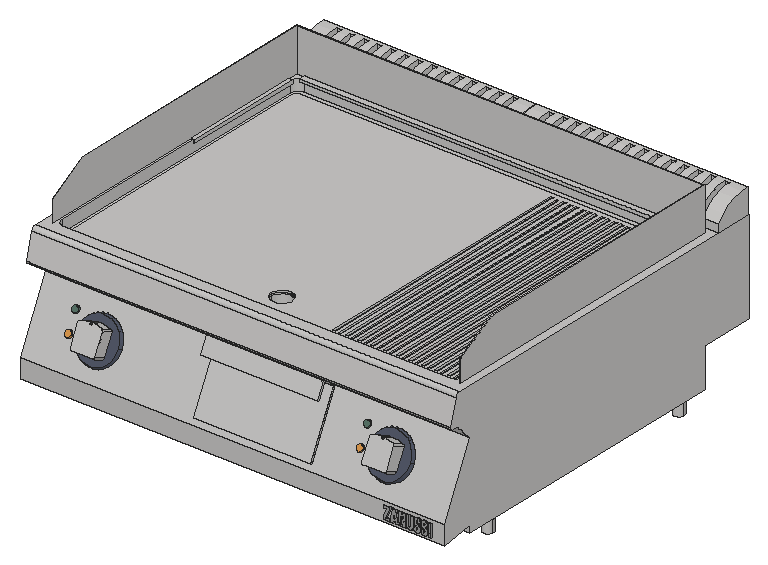
Revit family "QF_ZANUSSI_372197_Z7FTEHCPI0", category Specialty Equipment, Revit 2018
Family settings
  Round Connector Dimension = Use Diameter
  Part Type = Normal
  Work Plane-Based = No
  Always vertical = Yes
  Cut with Voids When Loaded = No
  Shared = No
  Room Calculation Point = No
Parameters
  Weight in Pounds = 105  # constant formula
  Weight = 70.00 kg
  Watts = 15000 W  # constant formula
  Volts = 400 V  # constant formula
  URL Manufacturer = "http://www.zanussiprofessional.com"
  URL Cutsheet = "www.electrolux.com"
  URL = "http://www.zanussiprofessional.com"
  Type Mark [instance] = ""
  Steam Supply Size = 0"
  Steam Supply Minimum Pressure = 0.00 psi
  Steam Supply Maximum Pressure = 0.00 psi
  Steam Pounds per Hour = 0
  Specification by User [instance] = ""
  Specification by Manufacturer = ""
  Show Logo [instance] = yes
  Show Clearance [instance] = yes
  Serial Number = ""
  Seismic Rating = ""
  SMACNA No = ""
  Revision Code [instance] = ""
  Refrigeration Suction Line Size = 0"
  Refrigeration Liquid Line Size = 0"
  Refrigerant Compressor Remote = yes
  Phase = 3
  Omniclass Number and Title = ""
  Number of Poles [instance] = 1
  NAFEM Spec ID Number = ""
  Model = "Z9FTEHSP00"
  Min Ckt Ampacity = 0 A
  Max Overcurrent Protection = 0 A
  Masterspec = ""
  Manufacturer = "Zanussi"
  Length Actual = 800 mm  # constant formula
  Item Number [instance] = "392070"
  Installed By [instance] = ""
  Identify Quantity as Lot [instance] = yes
  Hot Water Size = 0"
  Height Actual = 250 mm  # constant formula
  HP = "11.3 HP"
  Gas Size = 0"
  Gas KW = 0
  Gas Input = 0.0 Btu/h
  Furnished By [instance] = ""
  Foodservice Equipment Identifier [instance] = yes
  FL Amps = if(Phase = 3, Watts / (Volts * 1.73), Watts / Volts)  # 21.6763 A
  Electrical Remarks [instance] = "400 V/3N ph/50/60 Hz"  # constant formula
  Electric Connection Type [instance] = ""
  Elec Conn RI Height [instance] = 0 mm
  Elec Conn Connection Height [instance] = 0 mm
  Direct Waste Size = 0"
  Description = "EL.FRYTOP SMOOTH+RIBBED SLOPED 800MM"
  Depth Actual = 700 mm  # constant formula
  Cycle [instance] = if([60 Hertz Option], 60 Hz, 50 Hz)  # 60 Hz
  Conn Plug = ""
  Conn Conduit = yes
  Condensate Return Size = 0"
  Compressed Air Volume = 0 GPM
  Compressed Air Size = 0"
  Compressed Air Pressure = 0.00 psi
  Cold Water Size = 0"
  CSI MasterFormat = ""
  CSI Master Format = ""
  Apparent Power = if(Phase = 3, Volts * FL Amps * 1.73, Volts * FL Amps)  # 15000 VA
  Accessory = yes
  60 Hertz Option [instance] = not([50 Hertz Option])  # yes
  50 Hertz Option [instance] = no
Reference planes
  plane 1 "BACK": y = 0
  plane 2: z = 0
  plane 3 "LEFT": x = 0
  plane 4 "RIGHT": x = 800
  plane 5 "FRONT": y = -915
  plane 6 "TOP": z = 274
  plane 7 "Center Y": x = 400
  plane 8 "Center X": y = -457.5
  plane 9: z = 24
  plane 10: z = 290
  plane 11: z = 410
  plane 12: x = 11
  plane 13: x = 789
  plane 14: z = 900
  plane 15: y = -700
  plane 16: y = -782
  plane 17: y = -103
Forms (mm)
  Extrusion 1, solid, material "QF_Finishes_Stainless Steel"
    sketch origin (0, 0, 626) x (0, 1, 0) y (0, 0, 1)
      loop
        line (0, 98) -> (0, 274) -> (-679.358, 274)
        arc (-679.358, 274) -> (-684.643, 271.811) -> (-686.833, 266.526) r 7.474
        line (-686.833, 266.526) -> (-699.884, 221.011)
        arc (-699.884, 221.011) -> (-699.396, 218.379) -> (-697, 217.184) r 3
        line (-697, 217.184) -> (-686.802, 217.184) -> (-654.982, 185.364) -> (-715, 64.508) -> (-715, 29.508) -> (-658.645, 37.428)
        arc (-658.645, 37.428) -> (-656.101, 36.674) -> (-655, 34.259) r 3.2
        line (-655, 34.259) -> (-655, 24) -> (-103, 24) -> (-103, 98) -> (0, 98)
    from 0 to 800
  Extrusion 2, solid, material "QF_Finishes_Stainless Steel"
    sketch origin (0, -1, 626) x (1, 0, 0) y (0, 1, 0)
      loop
        circle (11, -148) r 9.525
      loop
        circle (11, -598) r 9.525
      loop
        circle (789, -148) r 9.525
      loop
        circle (789, -598) r 9.525
    from 0 to 24
  Extrusion 3, solid, material "QF_Finishes_Stainless Steel"
    sketch origin (635, 190.152, 900) x (0, -1, 0) y (1, 0, 0)
      loop
        line (273.542, 147.97) -> (273.542, -617.97) -> (275.13, -617.97) -> (275.13, 147.97) -> (273.542, 147.97)
    from 0 to 81
  Extrusion 4, void
    sketch origin (0, 0, 900) x (0, -1, 0) y (1, 0, 0)
      loop
        arc (92.539, 37.03) -> (96.932, 26.423) -> (107.539, 22.03) r 15
        line (107.539, 22.03) -> (643.859, 22.03)
        arc (643.859, 22.03) -> (654.466, 26.423) -> (658.859, 37.03) r 15
        line (658.859, 37.03) -> (658.859, 762.97)
        arc (658.859, 762.97) -> (654.466, 773.577) -> (643.859, 777.97) r 15
        line (643.859, 777.97) -> (107.539, 777.97)
        arc (107.539, 777.97) -> (96.932, 773.577) -> (92.539, 762.97) r 15
        line (92.539, 762.97) -> (92.539, 37.03)
    from 0 to -21.588
  Extrusion 5, solid, material "QF_Finishes_Stainless Steel"
    sketch origin (0, 0, 626) x (1, 0, 0) y (0, 0, 1)
      loop
        line (17.03, 274.856) -> (23.926, 274.856) -> (23.926, 269.856) -> (25.514, 269.856) -> (25.514, 276.444) -> (17.03, 276.444) -> (17.03, 274.856)
      loop
        line (782.97, 274.856) -> (782.97, 276.444) -> (774.486, 276.444) -> (774.486, 269.856) -> (776.074, 269.856) -> (776.074, 274.856) -> (782.97, 274.856)
    from 105.541 to 335.39
  Extrusion 6, solid, material "QF_Finishes_Stainless Steel"
    sketch origin (0, 0, 626) x (0, 1, 0) y (0, 0, 1)
      loop
        line (-94.126, 269.856) -> (-94.126, 274.856) -> (-84.978, 274.856) -> (-84.978, 276.444) -> (-95.714, 276.444) -> (-95.714, 269.856) -> (-94.126, 269.856)
    from 32.03 to 767.97
  Extrusion 7, solid, material "QF_Finishes_Stainless Steel"
    sketch origin (9, -103, 1272) x (0, 0, -1) y (-1, 0, 0)
      loop
        circle (584, -740) r 6.35
    from 0 to 40
  Extrusion 8, solid, material "QF_Clearances", visible <- "Show Clearance", detail levels coarse
    sketch origin (0, 0, 626) x (1, 0, 0) y (0, 1, 0)
      loop
        line (0, 0) -> (800, 0) -> (800, -715) -> (900, -715) -> (900, 100) -> (-100, 100) -> (-100, -715) -> (0, -715) -> (0, 0)
    from 0 to 355
  Extrusion 9, solid, material "QF_Finishes_Stainless Steel"
    sketch origin (0, 0, 626) x (0, 1, 0) y (0, 0, 1)
      loop
        line (-670, 254) -> (-670, 252.413) -> (-92.539, 252.413) -> (-92.539, 254) -> (-670, 254)
    from 22.03 to 777.97
  Extrusion 10, void
    sketch origin (328.121, 145, 626) x (1, 0, 0) y (0, 1, 0)
      loop
        circle (71.879, -743.736) r 20
    from 235.859 to 257
  Extrusion 11, solid, material "QF_Finishes_Stainless Steel"
    sketch origin (0, 0, 626) x (0, 1, 0) y (0, 0, 1)
      loop
        line (-83.39, 355) -> (-588.158, 355) -> (-658.862, 314.179) -> (-658.862, 274) -> (-83.39, 274) -> (-83.39, 355)
    from 15.442 to 17.03
  Extrusion 12, solid, material "QF_Finishes_Stainless Steel"
    sketch origin (23.617, -107.539, 881) x (-1, 0, 0) y (0, 1, 0)
      loop
        arc (-18.413, -535.852) -> (-11.341, -532.923) -> (-8.413, -525.852) r 10
        line (-8.413, -525.852) -> (-8.413, -7.867)
        arc (-8.413, -7.867) -> (-11.341, -0.796) -> (-18.412, 2.133) r 10
        line (-18.412, 2.133) -> (-734.353, 2.133)
        arc (-734.353, 2.133) -> (-741.425, -0.796) -> (-744.353, -7.867) r 10
        line (-744.353, -7.867) -> (-744.353, -525.852)
        arc (-744.353, -525.852) -> (-741.425, -532.923) -> (-734.353, -535.852) r 10
        line (-734.353, -535.852) -> (-18.413, -535.852)
    from 0 to -2
  Extrusion 13, solid, material "QF_Finishes_Stainless Steel"
    sketch origin (0, 0, 615.962) x (0, 1, 0) y (0, 0, 1)
      loop
        line (0, 284.038) -> (0, 331.354)
        arc (0, 331.354) -> (-38.768, 324.268) -> (-69.85, 300.038) r 82.671
        line (-69.85, 300.038) -> (-69.85, 284.038) -> (0, 284.038)
    from 0 to 400
  Extrusion 14, void
    sketch origin (0, 0, 890.6) x (0, -1, 0) y (1, 0, 0)
      loop
        line (6.761, 29.703) -> (63.911, 29.703) -> (63.911, 38.999) -> (6.761, 38.999) -> (6.761, 29.703)
      loop
        line (63.911, 64.487) -> (6.761, 64.487) -> (6.761, 55.191) -> (63.911, 55.191) -> (63.911, 64.487)
      loop
        line (63.911, 89.975) -> (6.761, 89.975) -> (6.761, 80.68) -> (63.911, 80.68) -> (63.911, 89.975)
      loop
        line (63.911, 115.464) -> (6.761, 115.464) -> (6.761, 106.168) -> (63.911, 106.168) -> (63.911, 115.464)
      loop
        line (63.911, 140.952) -> (6.761, 140.952) -> (6.761, 131.656) -> (63.911, 131.656) -> (63.911, 140.952)
      loop
        line (63.911, 166.44) -> (6.761, 166.44) -> (6.761, 157.145) -> (63.911, 157.145) -> (63.911, 166.44)
      loop
        line (63.911, 191.929) -> (6.761, 191.929) -> (6.761, 182.633) -> (63.911, 182.633) -> (63.911, 191.929)
      loop
        line (63.911, 217.417) -> (6.761, 217.417) -> (6.761, 208.121) -> (63.911, 208.121) -> (63.911, 217.417)
      loop
        line (63.911, 242.905) -> (6.761, 242.905) -> (6.761, 233.61) -> (63.911, 233.61) -> (63.911, 242.905)
      loop
        line (63.911, 268.394) -> (6.761, 268.394) -> (6.761, 259.098) -> (63.911, 259.098) -> (63.911, 268.394)
      loop
        line (63.911, 293.882) -> (6.761, 293.882) -> (6.761, 284.586) -> (63.911, 284.586) -> (63.911, 293.882)
      loop
        line (63.911, 319.37) -> (6.761, 319.37) -> (6.761, 310.075) -> (63.911, 310.075) -> (63.911, 319.37)
      loop
        line (63.911, 344.859) -> (6.761, 344.859) -> (6.761, 335.563) -> (63.911, 335.563) -> (63.911, 344.859)
      loop
        line (63.911, 370.347) -> (6.761, 370.347) -> (6.761, 361.051) -> (63.911, 361.051) -> (63.911, 370.347)
    from 25.4 to 63.5
  Extrusion 15, solid, material "QF_Finishes_Stainless Steel"
    sketch origin (800, 0, 615.962) x (0, 1, 0) y (0, 0, -1)
      loop
        line (0, -284.038) -> (-69.85, -284.038) -> (-69.85, -300.038)
        arc (-69.85, -300.038) -> (-38.626, -323.809) -> (0, -330.737) r 83.705
        line (0, -330.737) -> (0, -284.038)
    from 0 to 400
  Extrusion 16, void
    sketch origin (800, 0, 890.6) x (0, -1, 0) y (1, 0, 0)
      loop
        line (6.761, -29.703) -> (6.761, -38.999) -> (63.911, -38.999) -> (63.911, -29.703) -> (6.761, -29.703)
      loop
        line (63.911, -64.487) -> (63.911, -55.191) -> (6.761, -55.191) -> (6.761, -64.487) -> (63.911, -64.487)
      loop
        line (63.911, -89.975) -> (63.911, -80.68) -> (6.761, -80.68) -> (6.761, -89.975) -> (63.911, -89.975)
      loop
        line (63.911, -115.464) -> (63.911, -106.168) -> (6.761, -106.168) -> (6.761, -115.464) -> (63.911, -115.464)
      loop
        line (63.911, -140.952) -> (63.911, -131.656) -> (6.761, -131.656) -> (6.761, -140.952) -> (63.911, -140.952)
      loop
        line (63.911, -166.44) -> (63.911, -157.145) -> (6.761, -157.145) -> (6.761, -166.44) -> (63.911, -166.44)
      loop
        line (63.911, -191.929) -> (63.911, -182.633) -> (6.761, -182.633) -> (6.761, -191.929) -> (63.911, -191.929)
      loop
        line (63.911, -217.417) -> (63.911, -208.121) -> (6.761, -208.121) -> (6.761, -217.417) -> (63.911, -217.417)
      loop
        line (63.911, -242.905) -> (63.911, -233.61) -> (6.761, -233.61) -> (6.761, -242.905) -> (63.911, -242.905)
      loop
        line (63.911, -268.394) -> (63.911, -259.098) -> (6.761, -259.098) -> (6.761, -268.394) -> (63.911, -268.394)
      loop
        line (63.911, -293.882) -> (63.911, -284.586) -> (6.761, -284.586) -> (6.761, -293.882) -> (63.911, -293.882)
      loop
        line (63.911, -319.37) -> (63.911, -310.075) -> (6.761, -310.075) -> (6.761, -319.37) -> (63.911, -319.37)
      loop
        line (63.911, -344.859) -> (63.911, -335.563) -> (6.761, -335.563) -> (6.761, -344.859) -> (63.911, -344.859)
      loop
        line (63.911, -370.347) -> (63.911, -361.051) -> (6.761, -361.051) -> (6.761, -370.347) -> (63.911, -370.347)
    from 25.4 to 63.5
  Extrusion 17, solid, material "QF_Finishes_Stainless Steel"
    sketch origin (335, -14.132, 625.536) x (0, 1, 0) y (0, 0, 1)
      loop
        line (-640.85, 185.828) -> (-659.988, 204.966)
        arc (-659.988, 204.966) -> (-664.455, 206.368) -> (-668.159, 203.504) r 5.058
        line (-668.159, 203.504) -> (-680.821, 175.994) -> (-677.937, 174.666) -> (-665.275, 202.176)
        arc (-665.275, 202.176) -> (-663.896, 203.243) -> (-662.233, 202.721) r 1.883
        line (-662.233, 202.721) -> (-644.727, 185.215) -> (-698.248, 77.444) -> (-695.339, 76.105) -> (-640.85, 185.828)
    from -10 to 210
  Extrusion 18, solid, material "QF_Finishes_Drawer Clearance", visible <- "Show Clearance", detail levels coarse
    sketch origin (335, -115.732, 625.536) x (0, 1, 0) y (0, 0, 1)
      loop
        line (-663.36, 76.105) -> (-593.739, 76.105) -> (-539.25, 185.828) -> (-558.388, 204.966)
        arc (-558.388, 204.966) -> (-560.449, 206.215) -> (-562.855, 206.368) r 5.058
        line (-562.855, 206.368) -> (-632.476, 206.368)
        arc (-632.476, 206.368) -> (-634.679, 205.39) -> (-636.18, 203.504) r 5.058
        line (-636.18, 203.504) -> (-648.841, 175.994) -> (-645.957, 174.666) -> (-633.296, 202.176)
        arc (-633.296, 202.176) -> (-631.916, 203.243) -> (-630.253, 202.721) r 1.883
        line (-630.253, 202.721) -> (-612.748, 185.215) -> (-666.268, 77.444) -> (-663.36, 76.105)
    from -10 to 210
  Blend 19, solid, material "QF_Finishes_Navy Blue"
    base sketch origin (125, -684.991, 750.936) x (1, 0, 0) y (0, 0.444781, 0.895639)
      loop
        circle (0, 0) r 42.5
    top sketch origin (125, -684.991, 750.936) x (1, 0, 0) y (0, 0.444781, 0.895639)
      loop
        circle (0, 0) r 40.5
    from 0 to 5
  Extrusion 20, solid, material "QF_Finishes_Stainless Steel"
    sketch origin (125, -684.991, 750.936) x (1, 0, 0) y (0, 0.444781, 0.895639)
      loop
        arc (-21.147, 22.789) -> (-22.494, 21.685) -> (-23, 20.019) r 2.997
        line (-23, 20.019) -> (-23, -20.019)
        arc (-23, -20.019) -> (-22.122, -22.138) -> (-20.003, -23.016) r 2.997
        line (-20.003, -23.016) -> (20.003, -23.016)
        arc (20.003, -23.016) -> (22.122, -22.138) -> (23, -20.019) r 2.997
        line (23, -20.019) -> (23, 20.019)
        arc (23, 20.019) -> (22.494, 21.685) -> (21.147, 22.789) r 2.997
        arc (21.147, 22.789) -> (0, 26.984) -> (-21.147, 22.789) r 55.4
    from 10 to 34
  Extrusion 21, solid, material "QF_Finishes_Stainless Steel"
    sketch origin (125, -684.991, 750.936) x (1, 0, 0) y (0, 0.444781, 0.895639)
      loop
        line (17.5, 17.5) -> (-17.5, 17.5) -> (-17.5, -17.5) -> (17.5, -17.5) -> (17.5, 17.5)
    from 5 to 10
  Extrusion 22, solid, material "QF_Plastic-Black-Matte"
    sketch origin (67.5, -684.991, 750.936) x (0, 0.444781, 0.895639) y (0, 0.895639, -0.444781)
      loop
        line (26.984, -34) -> (23.984, -34) -> (23.984, -35) -> (26.984, -35)
        arc (26.984, -35) -> (27.691, -34.707) -> (27.984, -34) r 1
        line (27.984, -34) -> (27.984, -19) -> (26.984, -19) -> (26.984, -34)
    from -58.5 to -56.5
  Extrusion 23, solid, material "QF_Finishes_DarkGreen"
    sketch origin (125, -671.138, 778.831) x (1, 0, 0) y (0, 0.444781, 0.895639)
      loop
        circle (-55.001, 0) r 6
    from 0 to 1.6
  Extrusion 24, solid, material "QF_Finishes_Orange"
    sketch origin (125, -688.072, 744.733) x (1, 0, 0) y (0, 0.444781, 0.895639)
      loop
        circle (-55.001, 0) r 6
    from 0 to 1.6
  Blend 25, solid, material "QF_Finishes_Navy Blue"
    base sketch origin (675, -684.991, 750.936) x (1, 0, 0) y (0, 0.444781, 0.895639)
      loop
        circle (0, 0) r 42.5
    top sketch origin (675, -684.991, 750.936) x (1, 0, 0) y (0, 0.444781, 0.895639)
      loop
        circle (0, 0) r 40.5
    from 0 to 5
  Extrusion 26, solid, material "QF_Finishes_Stainless Steel"
    sketch origin (675, -684.991, 750.936) x (1, 0, 0) y (0, 0.444781, 0.895639)
      loop
        arc (-21.147, 22.789) -> (-22.494, 21.685) -> (-23, 20.019) r 2.997
        line (-23, 20.019) -> (-23, -20.019)
        arc (-23, -20.019) -> (-22.122, -22.138) -> (-20.003, -23.016) r 2.997
        line (-20.003, -23.016) -> (20.003, -23.016)
        arc (20.003, -23.016) -> (22.122, -22.138) -> (23, -20.019) r 2.997
        line (23, -20.019) -> (23, 20.019)
        arc (23, 20.019) -> (22.494, 21.685) -> (21.147, 22.789) r 2.997
        arc (21.147, 22.789) -> (0, 26.984) -> (-21.147, 22.789) r 55.4
    from 10 to 34
  Extrusion 27, solid, material "QF_Finishes_Stainless Steel"
    sketch origin (675, -684.991, 750.936) x (1, 0, 0) y (0, 0.444781, 0.895639)
      loop
        line (17.5, 17.5) -> (-17.5, 17.5) -> (-17.5, -17.5) -> (17.5, -17.5) -> (17.5, 17.5)
    from 5 to 10
  Extrusion 28, solid, material "QF_Plastic-Black-Matte"
    sketch origin (617.5, -684.991, 750.936) x (0, 0.444781, 0.895639) y (0, 0.895639, -0.444781)
      loop
        line (26.984, -34) -> (23.984, -34) -> (23.984, -35) -> (26.984, -35)
        arc (26.984, -35) -> (27.691, -34.707) -> (27.984, -34) r 1
        line (27.984, -34) -> (27.984, -19) -> (26.984, -19) -> (26.984, -34)
    from -58.5 to -56.5
  Extrusion 29, solid, material "QF_Finishes_DarkGreen"
    sketch origin (675, -671.138, 778.831) x (1, 0, 0) y (0, 0.444781, 0.895639)
      loop
        circle (-55.001, 0) r 6
    from 0 to 1.6
  Extrusion 30, solid, material "QF_Finishes_Orange"
    sketch origin (675, -688.072, 744.733) x (1, 0, 0) y (0, 0.444781, 0.895639)
      loop
        circle (-55.001, 0) r 6
    from 0 to 1.6
  Extrusion 31, void
    sketch origin (377.37, -686.406, 663.09) x (0, 0, 1) y (-1, 0, 0)
      loop
        line (219.91, -317) -> (219.91, -311) -> (217.91, -311.4) -> (217.91, -316.6) -> (219.91, -317)
      loop
        line (219.91, -305) -> (219.91, -299) -> (217.91, -299.4) -> (217.91, -304.6) -> (219.91, -305)
      loop
        line (219.91, -293) -> (219.91, -287) -> (217.91, -287.4) -> (217.91, -292.6) -> (219.91, -293)
      loop
        line (219.91, -281) -> (219.91, -275) -> (217.91, -275.4) -> (217.91, -280.6) -> (219.91, -281)
      loop
        line (219.91, -269) -> (219.91, -263) -> (217.91, -263.4) -> (217.91, -268.6) -> (219.91, -269)
      loop
        line (219.91, -257) -> (219.91, -251) -> (217.91, -251.4) -> (217.91, -256.6) -> (219.91, -257)
      loop
        line (219.91, -245) -> (219.91, -239) -> (217.91, -239.4) -> (217.91, -244.6) -> (219.91, -245)
      loop
        line (219.91, -233) -> (219.91, -227) -> (217.91, -227.4) -> (217.91, -232.6) -> (219.91, -233)
      loop
        line (219.91, -377) -> (219.91, -371) -> (217.91, -371.4) -> (217.91, -376.6) -> (219.91, -377)
      loop
        line (219.91, -341) -> (219.91, -335) -> (217.91, -335.4) -> (217.91, -340.6) -> (219.91, -341)
      loop
        line (219.91, -329) -> (219.91, -323) -> (217.91, -323.4) -> (217.91, -328.6) -> (219.91, -329)
      loop
        line (219.91, -389) -> (219.91, -383) -> (217.91, -383.4) -> (217.91, -388.6) -> (219.91, -389)
      loop
        line (219.91, -353) -> (219.91, -347) -> (217.91, -347.4) -> (217.91, -352.6) -> (219.91, -353)
      loop
        line (219.91, -365) -> (219.91, -359) -> (217.91, -359.4) -> (217.91, -364.6) -> (219.91, -365)
      loop
        line (219.91, -221) -> (219.91, -215) -> (217.91, -215.4) -> (217.91, -220.6) -> (219.91, -221)
      loop
        line (219.91, -209) -> (219.91, -203) -> (217.91, -203.4) -> (217.91, -208.6) -> (219.91, -209)
      loop
        line (219.91, -197) -> (219.91, -191) -> (217.91, -191.4) -> (217.91, -196.6) -> (219.91, -197)
      loop
        line (219.91, -185) -> (219.91, -179) -> (217.91, -179.4) -> (217.91, -184.6) -> (219.91, -185)
      loop
        line (219.91, -173) -> (219.91, -167) -> (217.91, -167.4) -> (217.91, -172.6) -> (219.91, -173)
      loop
        line (219.91, -161) -> (219.91, -155) -> (217.91, -155.4) -> (217.91, -160.6) -> (219.91, -161)
      loop
        line (219.91, -149) -> (219.91, -143) -> (217.91, -143.4) -> (217.91, -148.6) -> (219.91, -149)
    from -56.973 to -570
  Extrusion 32, solid, material "QF_Finishes_Stainless Steel"
    sketch origin (800, 0, 626) x (0, 1, 0) y (0, 0, -1)
      loop
        line (-83.39, -355) -> (-83.39, -274) -> (-658.862, -274) -> (-658.862, -314.179) -> (-588.158, -355) -> (-83.39, -355)
    from 15.442 to 17.03
Cuts and joins
  Extrusion 4, Extrusion 10 cuts Extrusion 1
  Extrusion 10 cuts Extrusion 9
  joined: Extrusion 3, Extrusion 11
  Extrusion 14, Extrusion 16 cuts Extrusion 13
  Extrusion 16 cuts Extrusion 15
  Extrusion 10, Extrusion 31 cuts Extrusion 12
Lines and regions (mm)
  Split face 1
    outline origin (125, -689.469, 753.16) x (1, 0, 0) y (0, 0.444781, 0.895639)
      loop
        circle (-34, 0) r 1.5
  Split face 2
    outline origin (125, -689.469, 753.16) x (1, 0, 0) y (0, 0.444781, 0.895639)
      loop
        circle (-30.633, -14.752) r 1.5
  Split face 3
    outline origin (125, -689.469, 753.16) x (1, 0, 0) y (0, 0.444781, 0.895639)
      loop
        circle (-21.199, -26.582) r 1.5
  Split face 4
    outline origin (125, -689.469, 753.16) x (1, 0, 0) y (0, 0.444781, 0.895639)
      loop
        circle (-7.566, -33.148) r 1.5
  Split face 5
    outline origin (125, -689.469, 753.16) x (1, 0, 0) y (0, 0.444781, 0.895639)
      loop
        circle (7.566, -33.148) r 1.5
  Split face 6
    outline origin (125, -689.469, 753.16) x (1, 0, 0) y (0, 0.444781, 0.895639)
      loop
        circle (21.199, -26.582) r 1.5
  Split face 7
    outline origin (125, -689.469, 753.16) x (1, 0, 0) y (0, 0.444781, 0.895639)
      loop
        circle (30.633, -14.752) r 1.5
  Split face 8
    outline origin (125, -689.469, 753.16) x (1, 0, 0) y (0, 0.444781, 0.895639)
      loop
        circle (34, 0) r 1.5
  Split face 9
    outline origin (146.665, -686.175, 759.794) x (1, 0, 0) y (0, 0.444781, 0.895639)
      loop
        circle (-21.665, 26.582) r 1.5
  Split face 10
    outline origin (675, -689.469, 753.16) x (1, 0, 0) y (0, 0.444781, 0.895639)
      loop
        circle (-34, 0) r 1.5
  Split face 11
    outline origin (675, -689.469, 753.16) x (1, 0, 0) y (0, 0.444781, 0.895639)
      loop
        circle (-30.633, -14.752) r 1.5
  Split face 12
    outline origin (675, -689.469, 753.16) x (1, 0, 0) y (0, 0.444781, 0.895639)
      loop
        circle (-21.199, -26.582) r 1.5
  Split face 13
    outline origin (675, -689.469, 753.16) x (1, 0, 0) y (0, 0.444781, 0.895639)
      loop
        circle (-7.566, -33.148) r 1.5
  Split face 14
    outline origin (675, -689.469, 753.16) x (1, 0, 0) y (0, 0.444781, 0.895639)
      loop
        circle (7.566, -33.148) r 1.5
  Split face 15
    outline origin (675, -689.469, 753.16) x (1, 0, 0) y (0, 0.444781, 0.895639)
      loop
        circle (21.199, -26.582) r 1.5
  Split face 16
    outline origin (675, -689.469, 753.16) x (1, 0, 0) y (0, 0.444781, 0.895639)
      loop
        circle (30.633, -14.752) r 1.5
  Split face 17
    outline origin (675, -689.469, 753.16) x (1, 0, 0) y (0, 0.444781, 0.895639)
      loop
        circle (34, 0) r 1.5
  Split face 18
    outline origin (696.665, -686.175, 759.794) x (1, 0, 0) y (0, 0.444781, 0.895639)
      loop
        circle (-21.665, 26.582) r 1.5
  symbolic lines, style "QF_Clearances", visible <- "Show Clearance", detail levels coarse
    curve 1: line (900, -715, 0) -> (900, 100, 0)
    curve 2: line (900, 100, 0) -> (-100, 100, 0)
    curve 3: line (-100, 100, 0) -> (-100, -715, 0)
  symbolic lines, style "QF_Door-Drawer Clearances"
    curve 4: line (325, -715, 0) -> (325, -782, 0)
    curve 5: line (325, -782, 0) -> (545, -782, 0)
    curve 6: line (545, -715, 0) -> (545, -782, 0)
  symbolic lines
    curve 7: line (800, -715, 0) -> (800, 0, 0)
    curve 8: line (800, 0, 0) -> (0, 0, 0)
    curve 9: line (0, 0, 0) -> (0, -715, 0)
    curve 10: line (762.97, -658.859, 0) -> (37.03, -658.859, 0)
    curve 11: arc (37.03, -658.859, 0) -> (26.423, -654.466, 0) -> (22.03, -643.859, 0) r 15
    curve 12: line (22.03, -643.859, 0) -> (22.03, -327.89, 0)
    curve 13: arc (22.163, -105.541, 0) -> (25.387, -98.081, 0) -> (32.03, -93.397, 0) r 15
    curve 14: arc (767.97, -93.397, 0) -> (774.613, -98.081, 0) -> (777.837, -105.541, 0) r 15
    curve 15: line (777.97, -327.89, 0) -> (777.97, -643.859, 0)
    curve 16: arc (777.97, -643.859, 0) -> (773.577, -654.466, 0) -> (762.97, -658.859, 0) r 15
    curve 17: line (757.97, -643.39, 0) -> (42.03, -643.39, 0)
    curve 18: arc (42.03, -643.39, 0) -> (34.958, -640.462, 0) -> (32.03, -633.39, 0) r 10
    curve 19: line (32.03, -633.39, 0) -> (32.03, -115.406, 0)
    curve 20: arc (32.03, -115.406, 0) -> (34.958, -108.335, 0) -> (42.03, -105.406, 0) r 10
    curve 21: line (42.03, -105.406, 0) -> (757.97, -105.406, 0)
    curve 22: arc (757.97, -105.406, 0) -> (765.042, -108.335, 0) -> (767.97, -115.406, 0) r 10
    curve 23: line (767.97, -115.406, 0) -> (767.97, -633.39, 0)
    curve 24: arc (767.97, -633.39, 0) -> (765.042, -640.462, 0) -> (757.97, -643.39, 0) r 10
    curve 25: line (15.442, -83.39, 0) -> (15.442, -327.89, 0)
    curve 26: line (784.558, -83.39, 0) -> (15.442, -83.39, 0)
    curve 27: line (784.558, -327.89, 0) -> (784.558, -83.39, 0)
    curve 28: line (767.97, -95.714, 0) -> (767.97, -83.39, 0)
    curve 29: line (32.03, -95.714, 0) -> (767.97, -95.714, 0)
    curve 30: line (32.03, -83.39, 0) -> (32.03, -95.714, 0)
    curve 31: line (784.558, -105.541, 0) -> (774.486, -105.541, 0)
    curve 32: line (25.514, -327.89, 0) -> (25.514, -105.541, 0)
    curve 33: line (15.442, -327.89, 0) -> (25.514, -327.89, 0)
    curve 34: line (774.486, -105.541, 0) -> (774.486, -327.89, 0)
    curve 35: line (774.486, -327.89, 0) -> (784.558, -327.89, 0)
    curve 36: line (25.514, -105.541, 0) -> (15.442, -105.541, 0)
    curve 37: line (38.999, -6.761, 0) -> (38.999, -63.911, 0)
    curve 38: line (38.999, -63.911, 0) -> (29.703, -63.911, 0)
    curve 39: line (29.703, -63.911, 0) -> (29.703, -6.761, 0)
    curve 40: line (29.703, -6.761, 0) -> (38.999, -6.761, 0)
    curve 41: line (55.191, -63.911, 0) -> (55.191, -6.761, 0)
    curve 42: line (55.191, -6.761, 0) -> (64.487, -6.761, 0)
    curve 43: line (64.487, -6.761, 0) -> (64.487, -63.911, 0)
    curve 44: line (64.487, -63.911, 0) -> (55.191, -63.911, 0)
    curve 45: line (89.975, -6.761, 0) -> (89.975, -63.911, 0)
    curve 46: line (89.975, -63.911, 0) -> (80.68, -63.911, 0)
    curve 47: line (80.68, -63.911, 0) -> (80.68, -6.761, 0)
    curve 48: line (80.68, -6.761, 0) -> (89.975, -6.761, 0)
    curve 49: line (115.464, -6.761, 0) -> (115.464, -63.911, 0)
    curve 50: line (115.464, -63.911, 0) -> (106.168, -63.911, 0)
    curve 51: line (106.168, -63.911, 0) -> (106.168, -6.761, 0)
    curve 52: line (106.168, -6.761, 0) -> (115.464, -6.761, 0)
    curve 53: line (140.952, -6.761, 0) -> (140.952, -63.911, 0)
    curve 54: line (140.952, -63.911, 0) -> (131.656, -63.911, 0)
    curve 55: line (131.656, -63.911, 0) -> (131.656, -6.761, 0)
    curve 56: line (131.656, -6.761, 0) -> (140.952, -6.761, 0)
    curve 57: line (166.44, -6.761, 0) -> (166.44, -63.911, 0)
    curve 58: line (166.44, -63.911, 0) -> (157.145, -63.911, 0)
    curve 59: line (157.145, -63.911, 0) -> (157.145, -6.761, 0)
    curve 60: line (157.145, -6.761, 0) -> (166.44, -6.761, 0)
    curve 61: line (191.929, -6.761, 0) -> (191.929, -63.911, 0)
    curve 62: line (191.929, -63.911, 0) -> (182.633, -63.911, 0)
    curve 63: line (182.633, -63.911, 0) -> (182.633, -6.761, 0)
    curve 64: line (182.633, -6.761, 0) -> (191.929, -6.761, 0)
    curve 65: line (208.121, -63.911, 0) -> (208.121, -6.761, 0)
    curve 66: line (208.121, -6.761, 0) -> (217.417, -6.761, 0)
    curve 67: line (217.417, -6.761, 0) -> (217.417, -63.911, 0)
    curve 68: line (217.417, -63.911, 0) -> (208.121, -63.911, 0)
    curve 69: line (767.97, -83.39, 0) -> (767.97, -95.714, 0)
    curve 70: line (361.001, -6.761, 0) -> (361.001, -63.911, 0)
    curve 71: line (361.001, -63.911, 0) -> (370.297, -63.911, 0)
    curve 72: line (370.297, -63.911, 0) -> (370.297, -6.761, 0)
    curve 73: line (370.297, -6.761, 0) -> (361.001, -6.761, 0)
    curve 74: line (344.809, -63.911, 0) -> (344.809, -6.761, 0)
    curve 75: line (344.809, -6.761, 0) -> (335.513, -6.761, 0)
    curve 76: line (335.513, -6.761, 0) -> (335.513, -63.911, 0)
    curve 77: line (335.513, -63.911, 0) -> (344.809, -63.911, 0)
    curve 78: line (310.025, -6.761, 0) -> (310.025, -63.911, 0)
    curve 79: line (310.025, -63.911, 0) -> (319.32, -63.911, 0)
    curve 80: line (319.32, -63.911, 0) -> (319.32, -6.761, 0)
    curve 81: line (319.32, -6.761, 0) -> (310.025, -6.761, 0)
    curve 82: line (284.536, -6.761, 0) -> (284.536, -63.911, 0)
    curve 83: line (284.536, -63.911, 0) -> (293.832, -63.911, 0)
    curve 84: line (293.832, -63.911, 0) -> (293.832, -6.761, 0)
    curve 85: line (293.832, -6.761, 0) -> (284.536, -6.761, 0)
    curve 86: line (259.048, -6.761, 0) -> (259.048, -63.911, 0)
    curve 87: line (259.048, -63.911, 0) -> (268.344, -63.911, 0)
    curve 88: line (268.344, -63.911, 0) -> (268.344, -6.761, 0)
    curve 89: line (268.344, -6.761, 0) -> (259.048, -6.761, 0)
    curve 90: line (233.56, -6.761, 0) -> (233.56, -63.911, 0)
    curve 91: line (233.56, -63.911, 0) -> (242.855, -63.911, 0)
    curve 92: line (242.855, -63.911, 0) -> (242.855, -6.761, 0)
    curve 93: line (242.855, -6.761, 0) -> (233.56, -6.761, 0)
    curve 94: arc (380, -598.736, 0) -> (400, -578.736, 0) -> (420, -598.736, 0) r 20
    curve 95: arc (380, -598.736, 0) -> (400, -618.736, 0) -> (420, -598.736, 0) r 20
    curve 96: arc (777.837, -105.541, 0) -> (774.613, -98.081, 0) -> (767.97, -93.397, 0) r 15
    curve 97: arc (767.97, -115.406, 0) -> (765.042, -108.335, 0) -> (757.97, -105.406, 0) r 10
    curve 98: line (767.97, -83.39, 0) -> (767.97, -95.714, 0)
    curve 99: line (761.001, -6.761, 0) -> (761.001, -63.911, 0)
    curve 100: line (761.001, -63.911, 0) -> (770.297, -63.911, 0)
    curve 101: line (770.297, -63.911, 0) -> (770.297, -6.761, 0)
    curve 102: line (770.297, -6.761, 0) -> (761.001, -6.761, 0)
    curve 103: line (744.809, -63.911, 0) -> (744.809, -6.761, 0)
    curve 104: line (744.809, -6.761, 0) -> (735.513, -6.761, 0)
    curve 105: line (735.513, -6.761, 0) -> (735.513, -63.911, 0)
    curve 106: line (735.513, -63.911, 0) -> (744.809, -63.911, 0)
    curve 107: line (710.025, -6.761, 0) -> (710.025, -63.911, 0)
    curve 108: line (710.025, -63.911, 0) -> (719.32, -63.911, 0)
    curve 109: line (719.32, -63.911, 0) -> (719.32, -6.761, 0)
    curve 110: line (719.32, -6.761, 0) -> (710.025, -6.761, 0)
    curve 111: line (684.536, -6.761, 0) -> (684.536, -63.911, 0)
    curve 112: line (684.536, -63.911, 0) -> (693.832, -63.911, 0)
    curve 113: line (693.832, -63.911, 0) -> (693.832, -6.761, 0)
    curve 114: line (693.832, -6.761, 0) -> (684.536, -6.761, 0)
    curve 115: line (659.048, -6.761, 0) -> (659.048, -63.911, 0)
    curve 116: line (659.048, -63.911, 0) -> (668.344, -63.911, 0)
    curve 117: line (668.344, -63.911, 0) -> (668.344, -6.761, 0)
    curve 118: line (668.344, -6.761, 0) -> (659.048, -6.761, 0)
    curve 119: line (633.56, -6.761, 0) -> (633.56, -63.911, 0)
    curve 120: line (633.56, -63.911, 0) -> (642.855, -63.911, 0)
    curve 121: line (642.855, -63.911, 0) -> (642.855, -6.761, 0)
    curve 122: line (642.855, -6.761, 0) -> (633.56, -6.761, 0)
    curve 123: line (608.071, -6.761, 0) -> (608.071, -63.911, 0)
    curve 124: line (608.071, -63.911, 0) -> (617.367, -63.911, 0)
    curve 125: line (617.367, -63.911, 0) -> (617.367, -6.761, 0)
    curve 126: line (617.367, -6.761, 0) -> (608.071, -6.761, 0)
    curve 127: line (591.879, -63.911, 0) -> (591.879, -6.761, 0)
    curve 128: line (591.879, -6.761, 0) -> (582.583, -6.761, 0)
    curve 129: line (582.583, -6.761, 0) -> (582.583, -63.911, 0)
    curve 130: line (582.583, -63.911, 0) -> (591.879, -63.911, 0)
    curve 131: line (438.999, -6.761, 0) -> (438.999, -63.911, 0)
    curve 132: line (438.999, -63.911, 0) -> (429.703, -63.911, 0)
    curve 133: line (429.703, -63.911, 0) -> (429.703, -6.761, 0)
    curve 134: line (429.703, -6.761, 0) -> (438.999, -6.761, 0)
    curve 135: line (455.191, -63.911, 0) -> (455.191, -6.761, 0)
    curve 136: line (455.191, -6.761, 0) -> (464.487, -6.761, 0)
    curve 137: line (464.487, -6.761, 0) -> (464.487, -63.911, 0)
    curve 138: line (464.487, -63.911, 0) -> (455.191, -63.911, 0)
    curve 139: line (489.975, -6.761, 0) -> (489.975, -63.911, 0)
    curve 140: line (489.975, -63.911, 0) -> (480.68, -63.911, 0)
    curve 141: line (480.68, -63.911, 0) -> (480.68, -6.761, 0)
    curve 142: line (480.68, -6.761, 0) -> (489.975, -6.761, 0)
    curve 143: line (515.464, -6.761, 0) -> (515.464, -63.911, 0)
    curve 144: line (515.464, -63.911, 0) -> (506.168, -63.911, 0)
    curve 145: line (506.168, -63.911, 0) -> (506.168, -6.761, 0)
    curve 146: line (506.168, -6.761, 0) -> (515.464, -6.761, 0)
    curve 147: line (540.952, -6.761, 0) -> (540.952, -63.911, 0)
    curve 148: line (540.952, -63.911, 0) -> (531.656, -63.911, 0)
    curve 149: line (531.656, -63.911, 0) -> (531.656, -6.761, 0)
    curve 150: line (531.656, -6.761, 0) -> (540.952, -6.761, 0)
    curve 151: line (566.44, -6.761, 0) -> (566.44, -63.911, 0)
    curve 152: line (566.44, -63.911, 0) -> (557.145, -63.911, 0)
    curve 153: line (557.145, -63.911, 0) -> (557.145, -6.761, 0)
    curve 154: line (557.145, -6.761, 0) -> (566.44, -6.761, 0)
    curve 155: line (0, -69.85, 0) -> (800, -69.85, 0)
    curve 156: line (400, -69.85, 0) -> (400, 0, 0)
    curve 157: line (0, -700, 0) -> (800, -700, 0)
    curve 158: line (102, -700, 0) -> (102, -724.347, 0)
    curve 159: arc (102, -724.347, 0) -> (102.146, -724.811, 0) -> (102.532, -725.107, 0) r 0.809
    curve 160: arc (102.532, -725.107, 0) -> (103.72, -725.587, 0) -> (104.997, -725.68, 0) r 4.127
    curve 161: arc (102, -704.292, 0) -> (96.959, -702.458, 0) -> (92.191, -700, 0) r 42.24
    curve 162: arc (102, -706.539, 0) -> (102.502, -705.818, 0) -> (103.299, -705.448, 0) r 1.682
    curve 163: arc (103.299, -705.448, 0) -> (113.602, -703.95, 0) -> (124, -703.441, 0) r 109.079
    curve 164: line (124, -700, 0) -> (124, -705.671, 0)
    curve 165: line (124, -705.671, 0) -> (126, -705.671, 0)
    curve 166: line (126, -705.671, 0) -> (126, -700, 0)
    curve 167: line (148, -700, 0) -> (148, -724.347, 0)
    curve 168: arc (148, -724.347, 0) -> (147.854, -724.811, 0) -> (147.468, -725.107, 0) r 0.809
    curve 169: arc (147.468, -725.107, 0) -> (146.28, -725.587, 0) -> (145.003, -725.68, 0) r 4.127
    curve 170: arc (148, -704.292, 0) -> (153.041, -702.458, 0) -> (157.809, -700, 0) r 42.24
    curve 171: arc (148, -706.539, 0) -> (147.498, -705.818, 0) -> (146.701, -705.448, 0) r 1.682
    curve 172: arc (146.701, -705.448, 0) -> (136.398, -703.95, 0) -> (126, -703.441, 0) r 109.079
    curve 173: line (104.997, -725.68, 0) -> (145.003, -725.68, 0)
    curve 174: line (698, -700, 0) -> (698, -724.347, 0)
    curve 175: arc (698, -724.347, 0) -> (697.854, -724.811, 0) -> (697.468, -725.107, 0) r 0.809
    curve 176: arc (697.468, -725.107, 0) -> (696.28, -725.587, 0) -> (695.003, -725.68, 0) r 4.127
    curve 177: arc (698, -704.292, 0) -> (703.041, -702.458, 0) -> (707.809, -700, 0) r 42.24
    curve 178: arc (698, -706.539, 0) -> (697.498, -705.818, 0) -> (696.701, -705.448, 0) r 1.682
    curve 179: arc (696.701, -705.448, 0) -> (686.398, -703.95, 0) -> (676, -703.441, 0) r 109.079
    curve 180: line (676, -700, 0) -> (676, -705.671, 0)
    curve 181: line (676, -705.671, 0) -> (674, -705.671, 0)
    curve 182: line (674, -705.671, 0) -> (674, -700, 0)
    curve 183: line (652, -700, 0) -> (652, -724.347, 0)
    curve 184: arc (652, -724.347, 0) -> (652.146, -724.811, 0) -> (652.532, -725.107, 0) r 0.809
    curve 185: arc (652.532, -725.107, 0) -> (653.72, -725.587, 0) -> (654.997, -725.68, 0) r 4.127
    curve 186: arc (652, -704.292, 0) -> (646.959, -702.458, 0) -> (642.191, -700, 0) r 42.24
    curve 187: arc (652, -706.539, 0) -> (652.502, -705.818, 0) -> (653.299, -705.448, 0) r 1.682
    curve 188: arc (653.299, -705.448, 0) -> (663.602, -703.95, 0) -> (674, -703.441, 0) r 109.079
    curve 189: line (695.003, -725.68, 0) -> (654.997, -725.68, 0)
    curve 190: line (148, -715, 0) -> (325, -715, 0)
    curve 191: line (698, -715, 0) -> (800, -715, 0)
    curve 192: line (0, -715, 0) -> (102, -715, 0)
    curve 193: line (545, -715, 0) -> (652, -715, 0)
    curve 194: line (545, -715, 0) -> (325, -715, 0)
    curve 195: line (325, -700, 0) -> (325, -715, 0)
    curve 196: line (545, -700, 0) -> (545, -715, 0)
    curve 197: line (532.37, -643.39, 0) -> (532.37, -105.406, 0)
    curve 198: line (544.37, -643.39, 0) -> (544.37, -105.406, 0)
    curve 199: line (556.37, -643.39, 0) -> (556.37, -105.406, 0)
    curve 200: line (568.37, -643.39, 0) -> (568.37, -105.406, 0)
    curve 201: line (580.37, -643.39, 0) -> (580.37, -105.406, 0)
    curve 202: line (592.37, -643.39, 0) -> (592.37, -105.406, 0)
    curve 203: line (604.37, -643.39, 0) -> (604.37, -105.406, 0)
    curve 204: line (616.37, -643.39, 0) -> (616.37, -105.406, 0)
    curve 205: line (628.37, -643.39, 0) -> (628.37, -105.406, 0)
    curve 206: line (640.37, -643.39, 0) -> (640.37, -105.406, 0)
    curve 207: line (652.37, -643.39, 0) -> (652.37, -105.406, 0)
    curve 208: line (664.37, -643.39, 0) -> (664.37, -105.406, 0)
    curve 209: line (676.37, -643.39, 0) -> (676.37, -105.406, 0)
    curve 210: line (688.37, -643.39, 0) -> (688.37, -105.406, 0)
    curve 211: line (700.37, -643.39, 0) -> (700.37, -105.406, 0)
    curve 212: line (712.37, -643.39, 0) -> (712.37, -105.406, 0)
    curve 213: line (724.37, -643.39, 0) -> (724.37, -105.406, 0)
    curve 214: line (736.37, -643.39, 0) -> (736.37, -105.406, 0)
    curve 215: line (748.37, -643.39, 0) -> (748.37, -105.406, 0)
    curve 216: line (760.37, -643.39, 0) -> (760.37, -105.406, 0)
    curve 217: line (520.37, -643.39, 0) -> (520.37, -105.406, 0)
  symbolic lines, style "QF_Clearances"
    curve 218: line (-100, -715, 0) -> (0, -715, 0)
    curve 219: line (800, -715, 0) -> (900, -715, 0)
Dimensions and locks
  equal spacing: plane 3 "LEFT", plane 7 "Center Y", plane 4 "RIGHT"
  plane 3 "LEFT" to plane 4 "RIGHT" = 800 mm
  equal spacing: plane 5 "FRONT", plane 8 "Center X", plane 1 "BACK"
  plane 5 "FRONT" to plane 1 "BACK" = 915 mm
  plane 6 "TOP" to plane 9 = 250 mm  (x3)
  plane 9 to level = 24 mm  (x2)
  plane 10 to plane 9 = 266 mm
  plane 11 to level = 410 mm  (x2)
  plane 11 to plane 9 = 386 mm
  plane 12 to plane 3 "LEFT" = 11 mm
  locked: plane 13 to plane 4 "RIGHT" at 11
  plane 1 "BACK" to plane 5 "FRONT" = 915 mm
  plane 1 "BACK" to Extrusion 7 = 63 mm
  plane 1 "BACK" to Extrusion 2 to Extrusion 2 to plane 5 "FRONT" = 149 mm, 450 mm, 316 mm
  plane 12 to plane 13 = 778 mm
  Extrusion 7 sketch curve to plane 4 "RIGHT" = 51 mm
  plane 14 to level = 900 mm
  plane 1 "BACK" to cut or joined group of Extrusion 1, Extrusion 4, Extrusion 10 = 700 mm
  plane 1 "BACK" to plane 15 = 700 mm
  cut or joined group of Extrusion 3, Extrusion 11 to Extrusion 8 = 355 mm
  cut or joined group of Extrusion 3, Extrusion 11 to cut or joined group of Extrusion 1, Extrusion 4, Extrusion 10 = 331 mm
  plane 1 "BACK" to plane 16 = 782 mm
  plane 1 "BACK" to plane 17 = 103 mm
  plane 15 to plane 1 "BACK" = 700 mm
  aligned and locked: level to plane 2
  aligned and locked: Extrusion 1 to plane 4 "RIGHT"
Automatic sketch dimensions
  Extrusion 2 sketch curve to plane 12 = 0 mm  (x2)
  Extrusion 2 sketch curve to plane 13 = 0 mm  (x2)
  Extrusion 2 sketch curve to plane 15 = 101 mm  (x2)
  plane 1 "BACK" to Extrusion 2 sketch curve = 149 mm  (x2)
  plane 12 to Extrusion 3 sketch curve = 6.03 mm
  plane 1 "BACK" to Extrusion 3 sketch curve = 83.39 mm
  Extrusion 3 sketch curve to Extrusion 3 sketch curve = 1.588 mm
  plane 13 to Extrusion 3 sketch curve = 6.03 mm
  plane 12 to Extrusion 4 sketch curve = 26.03 mm
  plane 1 "BACK" to Extrusion 4 sketch curve = 92.539 mm
  plane 13 to Extrusion 4 sketch curve = 11.03 mm
  Extrusion 4 sketch curve to Extrusion 4 sketch curve = 15 mm  (x3)
  Extrusion 4 sketch curve to plane 15 = 56.141 mm  (x2)
  plane 14 to Extrusion 5 sketch curve = 0.856 mm  (x2)
  plane 12 to Extrusion 5 sketch curve = 6.03 mm
  Extrusion 5 sketch curve to plane 14 = 4.144 mm  (x2)
  Extrusion 5 sketch curve to Extrusion 5 sketch curve = 6.896 mm
  Extrusion 5 sketch curve to Extrusion 5 sketch curve = 1.588 mm  (x3)
  plane 13 to Extrusion 5 sketch curve = 14.514 mm
  plane 14 to Extrusion 5 sketch curve = 2.444 mm
  plane 13 to Extrusion 5 sketch curve = 6.03 mm
  plane 14 to Extrusion 6 sketch curve = 2.444 mm
  plane 1 "BACK" to Extrusion 6 sketch curve = 95.714 mm
  Extrusion 6 sketch curve to Extrusion 6 sketch curve = 1.588 mm
  Extrusion 6 sketch curve to Extrusion 6 sketch curve = 9.149 mm
  plane 14 to Extrusion 6 sketch curve = 0.856 mm
  Extrusion 6 sketch curve to plane 14 = 4.144 mm
  Extrusion 8 sketch curve to plane 5 "FRONT" = 200 mm  (x2)
  Extrusion 8 sketch curve to plane 3 "LEFT" = 0 mm
  Extrusion 8 sketch curve to plane 4 "RIGHT" = 0 mm
  plane 1 "BACK" to Extrusion 8 sketch curve = 0 mm
  Extrusion 8 sketch curve to plane 3 "LEFT" = 100 mm
  Extrusion 8 sketch curve to plane 4 "RIGHT" = 100 mm
  Extrusion 8 sketch curve to plane 1 "BACK" = 100 mm
  Extrusion 9 sketch curve to plane 15 = 30 mm
  Extrusion 9 sketch curve to plane 14 = 21.588 mm
  plane 1 "BACK" to Extrusion 9 sketch curve = 92.539 mm
  Extrusion 9 sketch curve to Extrusion 9 sketch curve = 1.587 mm
  Extrusion 10 sketch curve to plane 7 "Center Y" = 0 mm
  Extrusion 10 sketch curve to plane 15 = 101.264 mm
  Extrusion 11 sketch curve to plane 14 = 0 mm
  Extrusion 11 sketch curve to plane 15 = 41.138 mm
  Extrusion 11 sketch curve to Extrusion 11 sketch curve = 70.704 mm
  plane 1 "BACK" to Extrusion 11 sketch curve = 83.39 mm
  plane 14 to Extrusion 11 sketch curve = 40.179 mm
  plane 14 to Extrusion 11 sketch curve = 81 mm
  plane 13 to Extrusion 12 sketch curve = 21.03 mm
  Extrusion 12 sketch curve to Extrusion 12 sketch curve = 10 mm  (x3)
  plane 12 to Extrusion 12 sketch curve = 31.03 mm  (x2)
  plane 1 "BACK" to Extrusion 12 sketch curve = 105.406 mm
  Extrusion 12 sketch curve to plane 15 = 66.61 mm
  Extrusion 13 sketch curve to plane 14 = 0 mm
  Extrusion 13 sketch curve to plane 1 "BACK" = 0 mm
  plane 1 "BACK" to Extrusion 13 sketch curve = 4.947 mm
  plane 14 to Extrusion 13 sketch curve = 16 mm
  plane 1 "BACK" to Extrusion 13 sketch curve = 69.85 mm
  Extrusion 13 sketch curve to plane 14 = 35.207 mm
  plane 1 "BACK" to Extrusion 14 sketch curve = 6.761 mm  (x14)
  Extrusion 14 sketch curve to Extrusion 14 sketch curve = 57.15 mm
  Extrusion 14 sketch curve to Extrusion 14 sketch curve = 0 mm  (x13)
  plane 12 to Extrusion 14 sketch curve = 18.703 mm
  Extrusion 14 sketch curve to Extrusion 14 sketch curve = 9.296 mm  (x14)
  Extrusion 14 sketch curve to Extrusion 14 sketch curve = 16.193 mm  (x13)
  Extrusion 15 sketch curve to plane 14 = 0 mm
  Extrusion 15 sketch curve to plane 1 "BACK" = 0 mm
  plane 1 "BACK" to Extrusion 15 sketch curve = 4.947 mm
  plane 14 to Extrusion 15 sketch curve = 16 mm
  plane 1 "BACK" to Extrusion 15 sketch curve = 69.85 mm
  plane 14 to Extrusion 15 sketch curve = 46.7 mm
  plane 1 "BACK" to Extrusion 16 sketch curve = 6.761 mm  (x14)
  Extrusion 16 sketch curve to Extrusion 16 sketch curve = 57.15 mm
  Extrusion 16 sketch curve to Extrusion 16 sketch curve = 0 mm  (x13)
  plane 7 "Center Y" to Extrusion 16 sketch curve = 29.653 mm
  Extrusion 16 sketch curve to Extrusion 16 sketch curve = 9.296 mm  (x14)
  Extrusion 16 sketch curve to Extrusion 16 sketch curve = 16.193 mm  (x13)
  Extrusion 17 sketch curve to Extrusion 17 sketch curve = 0 mm  (x2)
  plane 15 to Extrusion 17 sketch curve = 12.379 mm
  Extrusion 17 sketch curve to Extrusion 17 sketch curve = 2.908 mm
  Extrusion 17 sketch curve to plane 15 = 5.047 mm
  Extrusion 17 sketch curve to Extrusion 17 sketch curve = 2.884 mm  (x2)
  Extrusion 17 sketch curve to plane 15 = 17.709 mm
  Extrusion 17 sketch curve to Extrusion 17 sketch curve = 1.711 mm
  Extrusion 17 sketch curve to Extrusion 17 sketch curve = 1.332 mm
  Extrusion 17 sketch curve to Extrusion 17 sketch curve = 2.245 mm
  Extrusion 17 sketch curve to Extrusion 17 sketch curve = 17.505 mm
  Extrusion 17 sketch curve to Extrusion 17 sketch curve = 3.877 mm
  Extrusion 17 sketch curve to plane 14 = 198.359 mm
  Extrusion 17 sketch curve to Extrusion 17 sketch curve = 1.339 mm
  Extrusion 17 sketch curve to Extrusion 17 sketch curve = 97.223 mm
  Extrusion 17 sketch curve to Extrusion 17 sketch curve = 1.327 mm
  Extrusion 17 sketch curve to Extrusion 17 sketch curve = 16.961 mm
  Extrusion 17 sketch curve to Extrusion 17 sketch curve = 0.613 mm
  Extrusion 17 sketch curve to Extrusion 17 sketch curve = 0.787 mm
  Extrusion 18 sketch curve to Extrusion 18 sketch curve = 0 mm  (x2)
  Extrusion 18 sketch curve to plane 5 "FRONT" = 133 mm
  Extrusion 18 sketch curve to Extrusion 18 sketch curve = 2.908 mm
  Extrusion 18 sketch curve to plane 5 "FRONT" = 150.427 mm
  Extrusion 18 sketch curve to Extrusion 18 sketch curve = 2.884 mm  (x2)
  Extrusion 18 sketch curve to Extrusion 18 sketch curve = 12.662 mm
  Extrusion 18 sketch curve to plane 14 = 72.288 mm
  Extrusion 18 sketch curve to Extrusion 18 sketch curve = 0.82 mm
  Extrusion 18 sketch curve to Extrusion 18 sketch curve = 1.711 mm
  Extrusion 18 sketch curve to plane 14 = 71.743 mm
  Extrusion 18 sketch curve to Extrusion 18 sketch curve = 1.332 mm
  Extrusion 18 sketch curve to Extrusion 18 sketch curve = 17.505 mm  (x2)
  plane 15 to Extrusion 18 sketch curve = 9.471 mm
  Extrusion 18 sketch curve to plane 15 = 21.413 mm
  Extrusion 18 sketch curve to Extrusion 18 sketch curve = 0.891 mm
  Extrusion 18 sketch curve to Extrusion 18 sketch curve = 4.467 mm
  Extrusion 18 sketch curve to Extrusion 18 sketch curve = 19.137 mm
  Extrusion 18 sketch curve to plane 14 = 88.636 mm
  Extrusion 18 sketch curve to Extrusion 18 sketch curve = 26.182 mm
  Extrusion 18 sketch curve to Extrusion 18 sketch curve = 97.223 mm
  Extrusion 18 sketch curve to Extrusion 18 sketch curve = 1.339 mm
  Extrusion 18 sketch curve to Extrusion 18 sketch curve = 4.979 mm
  plane 12 to Blend 19 sketch curve = 114 mm  (x2)
  plane 12 to Extrusion 20 sketch curve = 91 mm
  Extrusion 20 sketch curve to Extrusion 20 sketch curve = 2.997 mm  (x3)
  Extrusion 20 sketch curve to Extrusion 20 sketch curve = 20.003 mm  (x2)
  Extrusion 20 sketch curve to Extrusion 20 sketch curve = 40.005 mm
  Extrusion 20 sketch curve to Extrusion 20 sketch curve = 5.399 mm
  Extrusion 20 sketch curve to Extrusion 20 sketch curve = 40.037 mm
  Extrusion 20 sketch curve to Extrusion 20 sketch curve = 0 mm  (x2)
  plane 12 to Extrusion 21 sketch curve = 96.5 mm
  Extrusion 21 sketch curve to Extrusion 21 sketch curve = 35 mm  (x2)
  plane 15 to Extrusion 22 sketch curve = 5.671 mm
  Extrusion 22 sketch curve to plane 14 = 112.016 mm
  Extrusion 22 sketch curve to Extrusion 22 sketch curve = 3 mm
  Extrusion 22 sketch curve to Extrusion 22 sketch curve = 0 mm
  Extrusion 22 sketch curve to Extrusion 22 sketch curve = 1 mm  (x2)
  Extrusion 22 sketch curve to Extrusion 22 sketch curve = 15 mm
  plane 12 to Extrusion 23 sketch curve = 58.999 mm
  plane 12 to Extrusion 24 sketch curve = 58.999 mm
  plane 13 to Blend 25 sketch curve = 114 mm  (x2)
  plane 13 to Extrusion 26 sketch curve = 137 mm
  Extrusion 26 sketch curve to Extrusion 26 sketch curve = 2.997 mm  (x3)
  Extrusion 26 sketch curve to Extrusion 26 sketch curve = 20.003 mm  (x2)
  Extrusion 26 sketch curve to Extrusion 26 sketch curve = 40.005 mm
  Extrusion 26 sketch curve to Extrusion 26 sketch curve = 5.399 mm
  Extrusion 26 sketch curve to Extrusion 26 sketch curve = 40.037 mm
  Extrusion 26 sketch curve to Extrusion 26 sketch curve = 0 mm  (x2)
  plane 13 to Extrusion 27 sketch curve = 131.5 mm
  Extrusion 27 sketch curve to Extrusion 27 sketch curve = 35 mm  (x2)
  plane 15 to Extrusion 28 sketch curve = 5.671 mm
  Extrusion 28 sketch curve to plane 14 = 112.016 mm
  Extrusion 28 sketch curve to Extrusion 28 sketch curve = 3 mm
  Extrusion 28 sketch curve to Extrusion 28 sketch curve = 0 mm
  Extrusion 28 sketch curve to Extrusion 28 sketch curve = 1 mm  (x2)
  Extrusion 28 sketch curve to Extrusion 28 sketch curve = 15 mm
  plane 13 to Extrusion 29 sketch curve = 169.001 mm
  plane 13 to Extrusion 30 sketch curve = 169.001 mm
  Extrusion 31 sketch curve to plane 14 = 19 mm  (x3)
  Extrusion 31 sketch curve to Extrusion 31 sketch curve = 0 mm  (x18)
  Extrusion 31 sketch curve to Extrusion 31 sketch curve = 2 mm  (x21)
  plane 13 to Extrusion 31 sketch curve = 22.63 mm
  Extrusion 31 sketch curve to Extrusion 31 sketch curve = 0.4 mm  (x42)
  Extrusion 31 sketch curve to Extrusion 31 sketch curve = 5.2 mm  (x21)
  Extrusion 31 sketch curve to Extrusion 31 sketch curve = 6 mm  (x20)
  Extrusion 32 sketch curve to plane 14 = 0 mm
  Extrusion 32 sketch curve to plane 15 = 41.138 mm
  Extrusion 32 sketch curve to Extrusion 32 sketch curve = 70.704 mm
  plane 1 "BACK" to Extrusion 32 sketch curve = 83.39 mm
  plane 14 to Extrusion 32 sketch curve = 40.179 mm
  plane 14 to Extrusion 32 sketch curve = 81 mm
  curve 14 to curve 96 = 0 mm  (x3)
  curve 218 to plane 3 "LEFT" = 0 mm
  plane 15 to curve 161 = 0 mm
  curve 5 to plane 16 = 0 mm
  curve 156 to plane 7 "Center Y" = 0 mm
  curve 94 to plane 7 "Center Y" = 0 mm
  curve 7 to plane 4 "RIGHT" = 0 mm
  plane 1 "BACK" to curve 9 = 0 mm
  plane 15 to curve 3 = 15 mm
  curve 3 to plane 3 "LEFT" = 100 mm
  plane 12 to curve 33 = 4.442 mm
  plane 12 to curve 12 = 11.03 mm
  curve 12 to curve 33 = 3.484 mm
  plane 12 to curve 39 = 18.703 mm
  curve 32 to curve 19 = 6.516 mm
  curve 32 to curve 30 = 6.516 mm
  curve 20 to curve 13 = 5 mm
  curve 11 to curve 10 = 15 mm
  curve 39 to curve 37 = 9.296 mm
  curve 13 to curve 21 = 5 mm
  curve 18 to curve 18 = 10 mm
  curve 37 to curve 44 = 16.193 mm
  curve 41 to curve 42 = 9.296 mm
  curve 43 to curve 47 = 16.193 mm
  curve 46 to curve 46 = 9.296 mm
  plane 15 to curve 158 = 24.347 mm
  plane 12 to curve 158 = 91 mm
  curve 158 to curve 159 = 0.809 mm
  curve 162 to curve 162 = 1.583 mm
  curve 159 to curve 160 = 1.846 mm
  curve 159 to curve 173 = 2.189 mm
  plane 1 "BACK" to curve 52 = 6.761 mm
  curve 45 to curve 52 = 16.193 mm
  curve 158 to curve 161 = 11.892 mm
  curve 51 to curve 52 = 9.296 mm
  plane 15 to curve 165 = 5.671 mm
  curve 162 to curve 165 = 20.417 mm
  curve 173 to curve 163 = 19.134 mm
  curve 163 to curve 172 = 1.738 mm
  curve 164 to curve 165 = 2 mm
  curve 49 to curve 54 = 16.193 mm
  curve 161 to curve 170 = 22.215 mm
  curve 55 to curve 53 = 9.296 mm
  curve 165 to curve 173 = 19.003 mm
  curve 169 to curve 169 = 0.343 mm
  curve 169 to curve 171 = 1.071 mm
  curve 173 to curve 168 = 2.189 mm
  curve 168 to curve 167 = 0.809 mm
  plane 1 "BACK" to curve 60 = 6.761 mm
  curve 53 to curve 60 = 16.193 mm
  curve 59 to curve 57 = 9.296 mm
  plane 1 "BACK" to curve 63 = 6.761 mm
  curve 57 to curve 63 = 16.193 mm
  curve 62 to curve 61 = 9.296 mm
  curve 61 to curve 68 = 16.193 mm
  curve 65 to curve 67 = 9.296 mm
  plane 1 "BACK" to curve 93 = 6.761 mm
  curve 66 to curve 93 = 16.143 mm
  curve 90 to curve 92 = 9.296 mm
  plane 1 "BACK" to curve 89 = 6.761 mm
  curve 92 to curve 89 = 16.193 mm
  curve 86 to curve 88 = 9.296 mm
  curve 87 to curve 82 = 16.193 mm
  curve 82 to curve 84 = 9.296 mm
  curve 83 to curve 78 = 16.193 mm
  curve 78 to curve 80 = 9.296 mm
  plane 15 to curve 190 = 15 mm
  curve 190 to plane 7 "Center Y" = 75 mm
  plane 1 "BACK" to curve 76 = 6.761 mm
  curve 80 to curve 76 = 16.193 mm
  curve 76 to curve 77 = 9.296 mm
  curve 74 to curve 70 = 16.193 mm
  curve 70 to curve 71 = 9.296 mm
  plane 1 "BACK" to curve 134 = 6.761 mm
  plane 7 "Center Y" to curve 134 = 29.703 mm
  curve 132 to curve 132 = 9.296 mm
  curve 131 to curve 138 = 16.193 mm
  curve 135 to curve 137 = 9.296 mm
  curve 137 to curve 140 = 16.193 mm
  curve 141 to curve 142 = 9.296 mm
  plane 1 "BACK" to curve 146 = 6.761 mm
  curve 139 to curve 146 = 16.193 mm
  curve 144 to curve 144 = 9.296 mm
  plane 1 "BACK" to curve 149 = 6.761 mm
  curve 143 to curve 149 = 16.193 mm
  curve 148 to curve 148 = 9.296 mm
  plane 1 "BACK" to curve 154 = 6.761 mm
  curve 147 to curve 154 = 16.193 mm
  curve 153 to curve 154 = 9.296 mm
  curve 151 to curve 130 = 16.143 mm
  curve 129 to curve 130 = 9.296 mm
  plane 1 "BACK" to curve 126 = 6.761 mm
  curve 127 to curve 126 = 16.193 mm
  curve 123 to curve 126 = 9.296 mm
  curve 124 to curve 119 = 16.193 mm
  curve 119 to curve 120 = 9.296 mm
  plane 15 to curve 183 = 24.347 mm
  curve 194 to curve 183 = 107 mm
  curve 183 to curve 184 = 0.809 mm
  curve 187 to curve 187 = 1.583 mm
  curve 184 to curve 185 = 1.846 mm
  curve 184 to curve 189 = 2.189 mm
  plane 1 "BACK" to curve 118 = 6.761 mm
  curve 121 to curve 118 = 16.193 mm
  curve 183 to curve 186 = 11.892 mm
  curve 115 to curve 117 = 9.296 mm
  plane 15 to curve 182 = 5.671 mm
  curve 187 to curve 182 = 20.417 mm
  curve 185 to curve 188 = 19.134 mm
  curve 188 to curve 179 = 1.738 mm
  curve 181 to curve 181 = 2 mm
  plane 1 "BACK" to curve 114 = 6.761 mm
  curve 117 to curve 114 = 16.193 mm
  curve 186 to curve 177 = 22.215 mm
  curve 111 to curve 112 = 9.296 mm
  curve 180 to curve 189 = 19.003 mm
  curve 176 to curve 176 = 0.343 mm
  curve 176 to curve 178 = 1.071 mm
  curve 176 to curve 175 = 2.189 mm
  curve 175 to curve 174 = 0.809 mm
  curve 112 to curve 108 = 16.193 mm
  curve 107 to curve 108 = 9.296 mm
  plane 1 "BACK" to curve 104 = 6.761 mm
  curve 109 to curve 104 = 16.193 mm
  curve 104 to curve 104 = 9.296 mm
  plane 13 to curve 17 = 31.03 mm
  plane 13 to curve 21 = 31.03 mm
  plane 1 "BACK" to curve 99 = 6.761 mm
  curve 103 to curve 99 = 16.193 mm
  curve 17 to curve 10 = 5 mm
  curve 21 to curve 14 = 5 mm
  curve 24 to curve 23 = 10 mm
  curve 14 to curve 69 = 5 mm
  curve 99 to curve 101 = 9.296 mm
  plane 13 to curve 34 = 14.514 mm
  plane 13 to curve 15 = 11.03 mm
  plane 13 to curve 27 = 4.442 mm
  curve 1 to plane 4 "RIGHT" = 100 mm
  curve 188 to plane 16 = 30.519 mm
  curve 188 to curve 179 = 0 mm
  curve 163 to plane 16 = 30.519 mm
  curve 163 to curve 172 = 0 mm
  curve 173 to curve 190 = 10.68 mm
  plane 15 to curve 189 = 25.68 mm
  curve 176 to curve 175 = 1.333 mm
  curve 173 to curve 168 = 1.333 mm
  curve 168 to curve 169 = 2.779 mm
